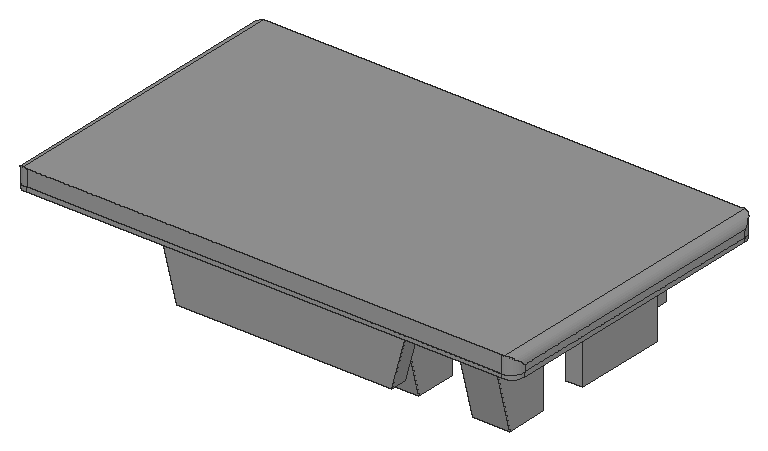
Revit family "Endstück WDK 40060RW", category Generic Models, Revit 2017
Family settings
  Can host rebar = No
  Round Connector Dimension = Use Diameter
  Part Type = Normal
  Work Plane-Based = No
  Always vertical = Yes
  Cut with Voids When Loaded = No
  Shared = No
  Room Calculation Point = No
Parameters (values of type "WDK HE40060RW")
  URL = "http://www.obo-bettermann.com"
  Material = Polyvinylchlorid
  Manufacturer Art.No. = "6193226"
  Manufacturer = "OBO BETTERMANN"
  GTIN = "4012196797479"
  Article Type = "WDK HE40060RW"
Reference planes
  plane 1 "Center (Front/Back)": y = 0
  plane 2: z = 0
  plane 3 "Center (Left/Right)": x = 0
  plane 4: z = 2
  plane 5: y = 36
  plane 6: z = -0.5
  plane 7: x = 30
  plane 8: z = -8.5
  plane 9: x = 45
  plane 10: x = 15
  plane 11: y = 3
  plane 12: y = 5
  plane 13: x = 30
  plane 14: y = 32
  plane 15: x = 42.5
  plane 16: x = 17.5
  plane 17: z = -8.5
  plane 18: x = 30
  plane 19: y = 20
  plane 20: x = 56.6
  plane 21: x = 3.4
  plane 22: y = 20.5
  plane 23: y = 45.5
  plane 24: x = 30
  plane 25: x = 26.75
  plane 26: x = 22.35
  plane 27: y = 20.5
  plane 28: y = 45.5
Forms (mm)
  Extrusion 1, solid, material "Polyvinylchlorid" <- "Material"
    sketch origin (0, 0, 0) x (1, 0, 0) y (0, 1, 0)
      loop
        arc (0, 1.5) -> (0.439, 0.439) -> (1.5, 0) r 1.5
        line (1.5, 0) -> (58.5, 0)
        arc (58.5, 0) -> (59.561, 0.439) -> (60, 1.5) r 1.5
        line (60, 1.5) -> (60, 34.5)
        arc (60, 34.5) -> (59.561, 35.561) -> (58.5, 36) r 1.5
        line (58.5, 36) -> (1.5, 36)
        arc (1.5, 36) -> (0.439, 35.561) -> (0, 34.5) r 1.5
        line (0, 34.5) -> (0, 1.5)
    from 0 to 2
  Extrusion 2, solid, material "Polyvinylchlorid" <- "Material"
    sketch origin (0, 0, 0) x (1, 0, 0) y (0, 1, 0)
      loop
        arc (1.5, 36) -> (0.439, 35.561) -> (0, 34.5) r 1.5
        line (0, 34.5) -> (0, 1.5)
        arc (0, 1.5) -> (0.439, 0.439) -> (1.5, 0) r 1.5
        line (1.5, 0) -> (58.5, 0)
        arc (58.5, 0) -> (59.561, 0.439) -> (60, 1.5) r 1.5
        line (60, 1.5) -> (60, 34.5)
        arc (60, 34.5) -> (59.561, 35.561) -> (58.5, 36) r 1.5
        line (58.5, 36) -> (1.5, 36)
      loop
        arc (3, 34) -> (2.293, 33.707) -> (2, 33) r 1
        line (2, 33) -> (2, 3)
        arc (2, 3) -> (2.293, 2.293) -> (3, 2) r 1
        line (3, 2) -> (57, 2)
        arc (57, 2) -> (57.707, 2.293) -> (58, 3) r 1
        line (58, 3) -> (58, 33)
        arc (58, 33) -> (57.707, 33.707) -> (57, 34) r 1
        line (57, 34) -> (3, 34)
    from 0 to -0.5
  Extrusion 3, void
    sketch origin (0, 0, 0) x (1, 0, 0) y (0, 0, 1)
      loop
        arc (58.842, 2) -> (59.661, 1.661) -> (60, 0.842) r 1.158
        line (60, 0.842) -> (60, 2) -> (58.842, 2)
    from -36 to 0
  Extrusion 4, void
    sketch origin (0, 0, 0) x (1, 0, 0) y (0, 0, 1)
      loop
        line (1.175, 2) -> (0, 2) -> (0, 0.825)
        arc (0, 0.825) -> (0.344, 1.656) -> (1.175, 2) r 1.175
    from -36 to 0
  Extrusion 5, solid, material "Polyvinylchlorid" <- "Material"
    sketch origin (0, 0, 0) x (1, 0, 0) y (0, 0, 1)
      loop
        line (15, -0.5) -> (17.144, -8.5) -> (42.856, -8.5) -> (45, -0.5) -> (15, -0.5)
    from -3 to -5
  Extrusion 6, solid, material "Polyvinylchlorid" <- "Material"
    sketch origin (0, 0, 0) x (1, 0, 0) y (0, 1, 0)
      loop
        line (42.5, 32) -> (42.5, 29.954) -> (52.5, 29.954) -> (52.5, 32) -> (42.5, 32)
      loop
        line (17.5, 32) -> (7.5, 32) -> (7.5, 29.954) -> (17.5, 29.954) -> (17.5, 32)
    from -8.5 to -0.5
  Extrusion 7, solid, material "Polyvinylchlorid" <- "Material"
    sketch origin (0, 0, 0) x (1, 0, 0) y (0, 1, 0)
      loop
        line (56.6, 25.5) -> (54.564, 25.5) -> (54.564, 14.5) -> (56.6, 14.5) -> (56.6, 25.5)
      loop
        line (3.4, 25.5) -> (3.4, 14.5) -> (5.436, 14.5) -> (5.436, 25.5) -> (3.4, 25.5)
    from -8.5 to -0.5
  Extrusion 8, solid, material "Polyvinylchlorid" <- "Material"
    sketch origin (0, 18.5, 0) x (0, 1, 0) y (0, 0, 1)
      loop
        line (13.699, -0.5) -> (2, -0.5) -> (8.699, -25.5) -> (13.699, -25.5) -> (13.699, -0.5)
    from 22.35 to 26.75
  Extrusion 9, solid, material "Polyvinylchlorid" <- "Material"
    sketch origin (60, 18.5, 0) x (0, 1, 0) y (0, 0, -1)
      loop
        line (13.699, 0.5) -> (13.699, 25.5) -> (8.699, 25.5) -> (2, 0.5) -> (13.699, 0.5)
    from 22.35 to 26.75
Cuts and joins
  Extrusion 3, Extrusion 4 cuts Extrusion 1
Dimensions and locks
  locked: Extrusion 1 to level at 2
  locked: Extrusion 1 to plane 6 at 2.5
  locked: plane 7 to plane 3 "Center (Left/Right)" at 30
  locked: Extrusion 2 to plane 8 at 8
  locked: Extrusion 2 to Extrusion 5 sketch curve at 8
  locked: Extrusion 5 sketch curve to Extrusion 5 sketch curve at 30
  locked: Extrusion 5 sketch curve to Extrusion 5 sketch curve at 25.713
  locked: plane 1 "Center (Front/Back)" to plane 11 at 3
  locked: Extrusion 5 to Extrusion 5 at 2
  locked: plane 3 "Center (Left/Right)" to plane 13 at 30
  locked: Extrusion 6 sketch curve to Extrusion 6 sketch curve at 10  (x2)
  locked: Extrusion 6 sketch curve to Extrusion 6 sketch curve at 2.046  (x2)
  locked: Extrusion 6 sketch curve to Extrusion 2 at 2  (x2)
  locked: cut or joined group of Extrusion 1, Extrusion 3, Extrusion 4 to Extrusion 6 sketch curve at 7.5
  locked: Extrusion 6 sketch curve to Extrusion 2 at 5.5
  locked: plane 17 to Extrusion 2 at 8
  locked: plane 3 "Center (Left/Right)" to plane 18 at 30
  locked: plane 1 "Center (Front/Back)" to plane 19 at 20
  locked: Extrusion 7 sketch curve to Extrusion 7 sketch curve at 11  (x2)
  locked: Extrusion 7 sketch curve to plane 19 at 5.5
  locked: Extrusion 7 sketch curve to Extrusion 7 sketch curve at 2.036  (x2)
  locked: Extrusion 7 sketch curve to Extrusion 2 at 1.4
  plane 1 "Center (Front/Back)" to plane 22 = 20.5 mm
  locked: plane 22 to plane 23 at 25
  locked: Extrusion 8 sketch curve to Extrusion 8 sketch curve at 11.699
  locked: cut or joined group of Extrusion 1, Extrusion 3, Extrusion 4 to plane 24 at 30
  locked: plane 25 to plane 24 at 3.25
  locked: Extrusion 8 to Extrusion 8 at 4.4
  locked: plane 27 to plane 28 at 25
  locked: Extrusion 9 sketch curve to Extrusion 9 sketch curve at 11.699
  locked: Extrusion 9 to Extrusion 9 at 4.4
  locked: Extrusion 8 to Extrusion 9 at 15.3
  locked: Extrusion 8 to Extrusion 9 at 6.5
  aligned and locked: level to plane 2
  aligned and locked: plane 1 "Center (Front/Back)" to Extrusion 1
  aligned and locked: Extrusion 1 to plane 3 "Center (Left/Right)"
  aligned and locked: Extrusion 1 to level
  aligned and locked: Extrusion 1 to plane 4
  aligned and locked: plane 5 to Extrusion 1
  aligned and locked: plane 3 "Center (Left/Right)" to Extrusion 2 sketch curve
  aligned and locked: Extrusion 2 sketch curve to plane 5
  aligned and locked: Extrusion 2 sketch curve to Extrusion 1
  aligned and locked: Extrusion 2 sketch curve to plane 1 "Center (Front/Back)"
  aligned and locked: Extrusion 2 to plane 6
  aligned and locked: Extrusion 3 to Extrusion 1
  aligned and locked: Extrusion 1 to Extrusion 3
  aligned and locked: Extrusion 1 to Extrusion 4
  aligned and locked: plane 1 "Center (Front/Back)" to Extrusion 4
  aligned and locked: plane 11 to Extrusion 5
  aligned and locked: Extrusion 5 to plane 12
  aligned and locked: Extrusion 6 to Extrusion 2
  aligned and locked: Extrusion 5 to Extrusion 6
  aligned and locked: plane 6 to Extrusion 6
  aligned and locked: Extrusion 7 to Extrusion 2
  aligned and locked: Extrusion 5 to Extrusion 7
  aligned and locked: Extrusion 8 to plane 26
Automatic sketch dimensions
  Extrusion 1 sketch curve to plane 3 "Center (Left/Right)" = 0 mm
  plane 1 "Center (Front/Back)" to Extrusion 1 sketch curve = 0 mm
  Extrusion 1 sketch curve to plane 5 = 0 mm
  plane 3 "Center (Left/Right)" to Extrusion 1 sketch curve = 1.5 mm  (x2)
  plane 24 to Extrusion 1 sketch curve = 28.5 mm  (x2)
  Extrusion 1 sketch curve to Extrusion 1 sketch curve = 1.5 mm
  Extrusion 2 sketch curve to plane 11 = 0 mm  (x2)
  plane 3 "Center (Left/Right)" to Extrusion 2 sketch curve = 1.5 mm  (x2)
  Extrusion 2 sketch curve to Extrusion 2 sketch curve = 0.5 mm
  Extrusion 2 sketch curve to Extrusion 2 sketch curve = 1 mm  (x3)
  Extrusion 2 sketch curve to Extrusion 2 sketch curve = 3 mm
  Extrusion 2 sketch curve to Extrusion 2 sketch curve = 1.5 mm  (x3)
  Extrusion 3 sketch curve to plane 4 = 0 mm
  plane 24 to Extrusion 3 sketch curve = 28.842 mm
  Extrusion 3 sketch curve to Extrusion 3 sketch curve = 0 mm
  Extrusion 3 sketch curve to Extrusion 3 sketch curve = 1.158 mm
  Extrusion 4 sketch curve to plane 3 "Center (Left/Right)" = 0 mm
  Extrusion 4 sketch curve to plane 4 = 0 mm
  plane 3 "Center (Left/Right)" to Extrusion 4 sketch curve = 1.175 mm
  Extrusion 5 sketch curve to plane 6 = 0 mm
  Extrusion 5 sketch curve to plane 10 = 0 mm
  plane 10 to Extrusion 5 sketch curve = 2.144 mm
  Extrusion 7 sketch curve to plane 21 = 0 mm
  Extrusion 7 sketch curve to plane 19 = 5.5 mm
  Extrusion 8 sketch curve to plane 6 = 0 mm
  Extrusion 8 sketch curve to plane 22 = 0 mm
  Extrusion 8 sketch curve to Extrusion 8 sketch curve = 5 mm
  Extrusion 8 sketch curve to plane 17 = 17 mm
  Extrusion 9 sketch curve to plane 6 = 0 mm
  Extrusion 9 sketch curve to plane 27 = 0 mm
  Extrusion 9 sketch curve to plane 17 = 17 mm
  Extrusion 9 sketch curve to Extrusion 9 sketch curve = 5 mm
